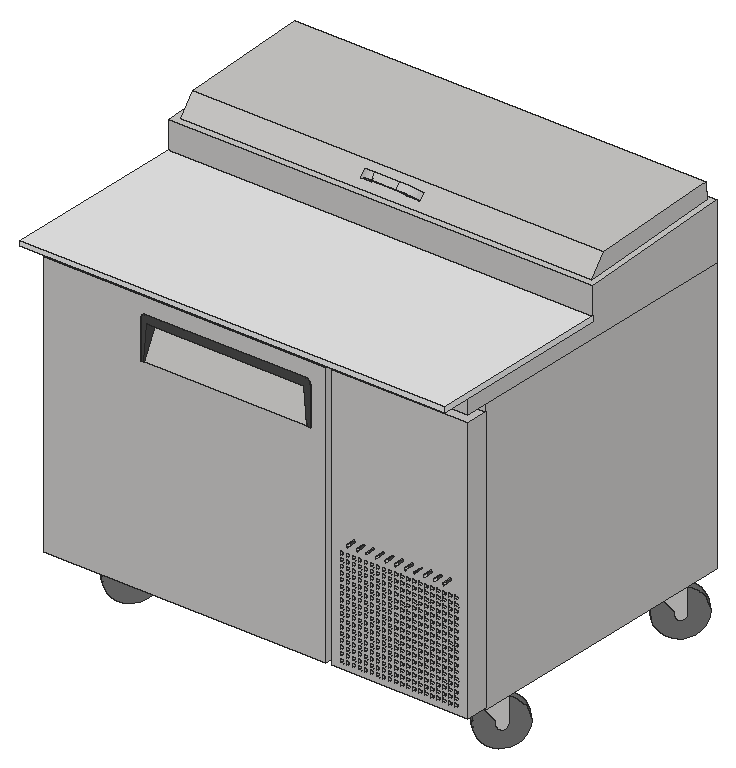
Revit family "QF_Turbo Air_TPR-44SD", category Specialty Equipment, Revit 2012
Parameters
  Weight in Pounds = 302
  Watermarked By = "http://revitwatermark.com"
  Volts = 115 V
  URL Cutsheet = ""
  URL = "www.turboairinc.com"
  Status [instance] = ""
  Specification by User [instance] = ""
  Specification by Manufacturer [instance] = ""
  Serial Number [instance] = ""
  Revision Code [instance] = ""
  Phase = 1
  Number of Poles [instance] = 1
  NAFEM Spec ID Number [instance] = ""
  Model = "TPR-44SD"
  Masterspec [instance] = ""
  Manufacturer = "Turbo Air"  # constant formula
  Legs [instance] = [6 inch Legs]  # no
  Item Number [instance] = "-"
  Installed By [instance] = ""
  HP = "1/4"
  Furnished By [instance] = ""
  Foodservice Equipment Identifier = yes
  FL Amps = 6.3 A
  Electrical Remarks [instance] = ""
  Electric Connection Type [instance] = ""
  Elec Conn RI Height [instance] = 0' - 0"
  Elec Conn Connection Height = 1' - 0"
  Description = "Pizza Prep Table"
  Cycle = 60 Hz
  Conn Plug = "NEMA 5-15P"
  Casters [instance] = not(Legs)  # yes
  CasterLeg Height [instance] = if([5 inch Casters], 0' 5 7/8", if([2_5 inch Casters], 0' 3 3/8", 0' 6"))  # 0' - 5 7/8"
  CSI MasterFormat = "11 41 13"
  Assembly Code = "E1090320"
  Apparent Power = if(Phase = 3, Volts * FL Amps * 1.73, Volts * FL Amps)  # 724.5 VA
  6 inch Legs [instance] = no
  5 inch Casters [instance] = yes
  2_5 inch Casters [instance] = no
Reference planes (in)
  plane 1 "BACK": y = 0
  plane 2: z = 0
  plane 3 "LEFT": x = -20.78844
  plane 4 "RIGHT": x = 23.21156
  plane 5 "Front of Door": y = -32.25
  plane 6 "FRONT": y = -35.25
  plane 7 "Front of Pans": y = -16
  plane 8 "Left of Compressor": x = 9.08656
  plane 9 "Right of Door": x = 8.52406
  plane 10 "Bottom": z = 5.875
  plane 11 "TOP": z = 41.875
  plane 12 "Door Clearance": z = 53.25
  plane 13 "Work Top": z = 35.875
  plane 14: z = 34.3125
  plane 15 "Top of Door": z = 33.5625
  plane 16 "Bottom of Door": z = 6.125
  plane 17 "Back Stops": y = 1
  plane 18 "Front of Box": y = -29.875
  plane 19 "Lid Left": x = -20.10094
  plane 20 "Lid Right": x = 22.52406
  plane 21 "Handle Center LR": x = 1.21156
  plane 22 "Handle Elevation": z = 40.14331
  plane 23 "Handle Center FB": y = -14.47887
Forms (in)
  Extrusion 1, solid, material "QF_Finishes_Stainless Steel"
    sketch origin (-20.78844, 0, 0) x (0, 1, 0) y (0, 0, 1)
      loop
        line (0, 34.3125) -> (-29.875, 34.3125) -> (-29.875, 5.875) -> (0, 5.875) -> (0, 34.3125)
    from 0 to 44
  Extrusion 2, solid, material "QF_Finishes_Stainless Steel"
    sketch origin (-20.78844, 0, 0) x (0, 1, 0) y (0, 0, 1)
      loop
        line (0, 34.3125) -> (0, 40.1875) -> (-16, 39.1875) -> (-16, 35.875) -> (-32.25, 35.875) -> (-32.25, 34.3125) -> (0, 34.3125)
    from 0 to 44
  Extrusion 3, solid, material "QF_Finishes_Stainless Steel"
    sketch origin (-20.10094, 0, 0) x (0, 1, 0) y (0, 0, 1)
      loop
        line (-0.43665, 40.16021) -> (-0.54382, 41.875) -> (-13.67506, 41.0543) -> (-15.28268, 39.23233) -> (-0.43665, 40.16021)
    from 0 to 42.625
  Extrusion 4, solid, material "QF_Finishes_Stainless Steel"
    sketch origin (0, 15.62211, 13.58363) x (1, 0, 0) y (0, -0.749838, 0.661622)
      loop
        line (3.21156, 40.14331) -> (4.21156, 40.14331)
        arc (4.21156, 40.14331) -> (3.53685, 41.04872) -> (2.46156, 41.39331) r 1.85
        line (2.46156, 41.39331) -> (-0.03844, 41.39331)
        arc (-0.03844, 41.39331) -> (-1.11373, 41.04872) -> (-1.78844, 40.14331) r 1.85
        line (-1.78844, 40.14331) -> (-0.78844, 40.14331) -> (-0.78844, 40.64331)
        arc (-0.78844, 40.64331) -> (-0.64199, 40.99687) -> (-0.28844, 41.14331) r 0.5
        line (-0.28844, 41.14331) -> (2.71156, 41.14331)
        arc (2.71156, 41.14331) -> (3.06511, 40.99687) -> (3.21156, 40.64331) r 0.5
        line (3.21156, 40.64331) -> (3.21156, 40.14331)
    from -0.375 to 0.375
  Extrusion 5, solid, material "QF_Finishes_Black"
    sketch origin (0, -29.875, 0) x (1, 0, 0) y (0, 0, 1)
      loop
        line (-19.78844, 32.5625) -> (-19.78844, 7.125) -> (7.52406, 7.125) -> (7.52406, 32.5625) -> (-19.78844, 32.5625)
    from 0 to 0.5625
  Extrusion 6, solid, material "QF_Finishes_Stainless Steel"
    sketch origin (0, -29.875, 0) x (1, 0, 0) y (0, 0, 1)
      loop
        line (9.08656, 33.5625) -> (9.08656, 6.125) -> (23.21156, 6.125) -> (23.21156, 33.5625) -> (9.08656, 33.5625)
      loop
        line (16.64906, 7.125) -> (16.27406, 7.125) -> (16.27406, 6.75) -> (16.64906, 6.75) -> (16.64906, 7.125)
      loop
        line (17.27406, 7.125) -> (16.89906, 7.125) -> (16.89906, 6.75) -> (17.27406, 6.75) -> (17.27406, 7.125)
      loop
        line (17.89906, 7.125) -> (17.52406, 7.125) -> (17.52406, 6.75) -> (17.89906, 6.75) -> (17.89906, 7.125)
      loop
        line (18.52406, 7.125) -> (18.14906, 7.125) -> (18.14906, 6.75) -> (18.52406, 6.75) -> (18.52406, 7.125)
      loop
        line (19.14906, 7.125) -> (18.77406, 7.125) -> (18.77406, 6.75) -> (19.14906, 6.75) -> (19.14906, 7.125)
      loop
        line (19.77406, 7.125) -> (19.39906, 7.125) -> (19.39906, 6.75) -> (19.77406, 6.75) -> (19.77406, 7.125)
      loop
        line (20.39906, 7.125) -> (20.02406, 7.125) -> (20.02406, 6.75) -> (20.39906, 6.75) -> (20.39906, 7.125)
      loop
        line (21.02406, 7.125) -> (20.64906, 7.125) -> (20.64906, 6.75) -> (21.02406, 6.75) -> (21.02406, 7.125)
      loop
        line (21.64906, 7.125) -> (21.27406, 7.125) -> (21.27406, 6.75) -> (21.64906, 6.75) -> (21.64906, 7.125)
      loop
        line (22.27406, 6.75) -> (22.27406, 7.125) -> (21.89906, 7.125) -> (21.89906, 6.75) -> (22.27406, 6.75)
      loop
        line (15.64906, 7.125) -> (15.64906, 6.75) -> (16.02406, 6.75) -> (16.02406, 7.125) -> (15.64906, 7.125)
      loop
        line (15.02406, 7.125) -> (15.02406, 6.75) -> (15.39906, 6.75) -> (15.39906, 7.125) -> (15.02406, 7.125)
      loop
        line (14.39906, 7.125) -> (14.39906, 6.75) -> (14.77406, 6.75) -> (14.77406, 7.125) -> (14.39906, 7.125)
      loop
        line (13.77406, 7.125) -> (13.77406, 6.75) -> (14.14906, 6.75) -> (14.14906, 7.125) -> (13.77406, 7.125)
      loop
        line (13.14906, 7.125) -> (13.14906, 6.75) -> (13.52406, 6.75) -> (13.52406, 7.125) -> (13.14906, 7.125)
      loop
        line (12.52406, 7.125) -> (12.52406, 6.75) -> (12.89906, 6.75) -> (12.89906, 7.125) -> (12.52406, 7.125)
      loop
        line (11.89906, 7.125) -> (11.89906, 6.75) -> (12.27406, 6.75) -> (12.27406, 7.125) -> (11.89906, 7.125)
      loop
        line (11.27406, 7.125) -> (11.27406, 6.75) -> (11.64906, 6.75) -> (11.64906, 7.125) -> (11.27406, 7.125)
      loop
        line (10.64906, 7.125) -> (10.64906, 6.75) -> (11.02406, 6.75) -> (11.02406, 7.125) -> (10.64906, 7.125)
      loop
        line (10.02406, 6.75) -> (10.39906, 6.75) -> (10.39906, 7.125) -> (10.02406, 7.125) -> (10.02406, 6.75)
      loop
        line (16.64906, 7.75) -> (16.27406, 7.75) -> (16.27406, 7.375) -> (16.64906, 7.375) -> (16.64906, 7.75)
      loop
        line (17.27406, 7.75) -> (16.89906, 7.75) -> (16.89906, 7.375) -> (17.27406, 7.375) -> (17.27406, 7.75)
      loop
        line (17.89906, 7.75) -> (17.52406, 7.75) -> (17.52406, 7.375) -> (17.89906, 7.375) -> (17.89906, 7.75)
      loop
        line (18.52406, 7.75) -> (18.14906, 7.75) -> (18.14906, 7.375) -> (18.52406, 7.375) -> (18.52406, 7.75)
      loop
        line (19.14906, 7.75) -> (18.77406, 7.75) -> (18.77406, 7.375) -> (19.14906, 7.375) -> (19.14906, 7.75)
      loop
        line (19.77406, 7.75) -> (19.39906, 7.75) -> (19.39906, 7.375) -> (19.77406, 7.375) -> (19.77406, 7.75)
      loop
        line (20.39906, 7.75) -> (20.02406, 7.75) -> (20.02406, 7.375) -> (20.39906, 7.375) -> (20.39906, 7.75)
      loop
        line (21.02406, 7.75) -> (20.64906, 7.75) -> (20.64906, 7.375) -> (21.02406, 7.375) -> (21.02406, 7.75)
      loop
        line (21.64906, 7.75) -> (21.27406, 7.75) -> (21.27406, 7.375) -> (21.64906, 7.375) -> (21.64906, 7.75)
      loop
        line (22.27406, 7.375) -> (22.27406, 7.75) -> (21.89906, 7.75) -> (21.89906, 7.375) -> (22.27406, 7.375)
      loop
        line (15.64906, 7.75) -> (15.64906, 7.375) -> (16.02406, 7.375) -> (16.02406, 7.75) -> (15.64906, 7.75)
      loop
        line (15.02406, 7.75) -> (15.02406, 7.375) -> (15.39906, 7.375) -> (15.39906, 7.75) -> (15.02406, 7.75)
      loop
        line (14.39906, 7.75) -> (14.39906, 7.375) -> (14.77406, 7.375) -> (14.77406, 7.75) -> (14.39906, 7.75)
      loop
        line (13.77406, 7.75) -> (13.77406, 7.375) -> (14.14906, 7.375) -> (14.14906, 7.75) -> (13.77406, 7.75)
      loop
        line (13.14906, 7.75) -> (13.14906, 7.375) -> (13.52406, 7.375) -> (13.52406, 7.75) -> (13.14906, 7.75)
      loop
        line (12.52406, 7.75) -> (12.52406, 7.375) -> (12.89906, 7.375) -> (12.89906, 7.75) -> (12.52406, 7.75)
      loop
        line (11.89906, 7.75) -> (11.89906, 7.375) -> (12.27406, 7.375) -> (12.27406, 7.75) -> (11.89906, 7.75)
      loop
        line (11.27406, 7.75) -> (11.27406, 7.375) -> (11.64906, 7.375) -> (11.64906, 7.75) -> (11.27406, 7.75)
      loop
        line (10.64906, 7.75) -> (10.64906, 7.375) -> (11.02406, 7.375) -> (11.02406, 7.75) -> (10.64906, 7.75)
      loop
        line (10.02406, 7.375) -> (10.39906, 7.375) -> (10.39906, 7.75) -> (10.02406, 7.75) -> (10.02406, 7.375)
      loop
        line (16.64906, 8.375) -> (16.27406, 8.375) -> (16.27406, 8) -> (16.64906, 8) -> (16.64906, 8.375)
      loop
        line (17.27406, 8.375) -> (16.89906, 8.375) -> (16.89906, 8) -> (17.27406, 8) -> (17.27406, 8.375)
      loop
        line (17.89906, 8.375) -> (17.52406, 8.375) -> (17.52406, 8) -> (17.89906, 8) -> (17.89906, 8.375)
      loop
        line (18.52406, 8.375) -> (18.14906, 8.375) -> (18.14906, 8) -> (18.52406, 8) -> (18.52406, 8.375)
      loop
        line (19.14906, 8.375) -> (18.77406, 8.375) -> (18.77406, 8) -> (19.14906, 8) -> (19.14906, 8.375)
      loop
        line (19.77406, 8.375) -> (19.39906, 8.375) -> (19.39906, 8) -> (19.77406, 8) -> (19.77406, 8.375)
      loop
        line (20.39906, 8.375) -> (20.02406, 8.375) -> (20.02406, 8) -> (20.39906, 8) -> (20.39906, 8.375)
      loop
        line (21.02406, 8.375) -> (20.64906, 8.375) -> (20.64906, 8) -> (21.02406, 8) -> (21.02406, 8.375)
      loop
        line (21.64906, 8.375) -> (21.27406, 8.375) -> (21.27406, 8) -> (21.64906, 8) -> (21.64906, 8.375)
      loop
        line (22.27406, 8) -> (22.27406, 8.375) -> (21.89906, 8.375) -> (21.89906, 8) -> (22.27406, 8)
      loop
        line (15.64906, 8.375) -> (15.64906, 8) -> (16.02406, 8) -> (16.02406, 8.375) -> (15.64906, 8.375)
      loop
        line (15.02406, 8.375) -> (15.02406, 8) -> (15.39906, 8) -> (15.39906, 8.375) -> (15.02406, 8.375)
      loop
        line (14.39906, 8.375) -> (14.39906, 8) -> (14.77406, 8) -> (14.77406, 8.375) -> (14.39906, 8.375)
      loop
        line (13.77406, 8.375) -> (13.77406, 8) -> (14.14906, 8) -> (14.14906, 8.375) -> (13.77406, 8.375)
      loop
        line (13.14906, 8.375) -> (13.14906, 8) -> (13.52406, 8) -> (13.52406, 8.375) -> (13.14906, 8.375)
      loop
        line (12.52406, 8.375) -> (12.52406, 8) -> (12.89906, 8) -> (12.89906, 8.375) -> (12.52406, 8.375)
      loop
        line (11.89906, 8.375) -> (11.89906, 8) -> (12.27406, 8) -> (12.27406, 8.375) -> (11.89906, 8.375)
      loop
        line (11.27406, 8.375) -> (11.27406, 8) -> (11.64906, 8) -> (11.64906, 8.375) -> (11.27406, 8.375)
      loop
        line (10.64906, 8.375) -> (10.64906, 8) -> (11.02406, 8) -> (11.02406, 8.375) -> (10.64906, 8.375)
      loop
        line (10.02406, 8) -> (10.39906, 8) -> (10.39906, 8.375) -> (10.02406, 8.375) -> (10.02406, 8)
      loop
        line (16.64906, 9) -> (16.27406, 9) -> (16.27406, 8.625) -> (16.64906, 8.625) -> (16.64906, 9)
      loop
        line (17.27406, 9) -> (16.89906, 9) -> (16.89906, 8.625) -> (17.27406, 8.625) -> (17.27406, 9)
      loop
        line (17.89906, 9) -> (17.52406, 9) -> (17.52406, 8.625) -> (17.89906, 8.625) -> (17.89906, 9)
      loop
        line (18.52406, 9) -> (18.14906, 9) -> (18.14906, 8.625) -> (18.52406, 8.625) -> (18.52406, 9)
      loop
        line (19.14906, 9) -> (18.77406, 9) -> (18.77406, 8.625) -> (19.14906, 8.625) -> (19.14906, 9)
      loop
        line (19.77406, 9) -> (19.39906, 9) -> (19.39906, 8.625) -> (19.77406, 8.625) -> (19.77406, 9)
      loop
        line (20.39906, 9) -> (20.02406, 9) -> (20.02406, 8.625) -> (20.39906, 8.625) -> (20.39906, 9)
      loop
        line (21.02406, 9) -> (20.64906, 9) -> (20.64906, 8.625) -> (21.02406, 8.625) -> (21.02406, 9)
      loop
        line (21.64906, 9) -> (21.27406, 9) -> (21.27406, 8.625) -> (21.64906, 8.625) -> (21.64906, 9)
      loop
        line (22.27406, 8.625) -> (22.27406, 9) -> (21.89906, 9) -> (21.89906, 8.625) -> (22.27406, 8.625)
      loop
        line (15.64906, 9) -> (15.64906, 8.625) -> (16.02406, 8.625) -> (16.02406, 9) -> (15.64906, 9)
      loop
        line (15.02406, 9) -> (15.02406, 8.625) -> (15.39906, 8.625) -> (15.39906, 9) -> (15.02406, 9)
      loop
        line (14.39906, 9) -> (14.39906, 8.625) -> (14.77406, 8.625) -> (14.77406, 9) -> (14.39906, 9)
      loop
        line (13.77406, 9) -> (13.77406, 8.625) -> (14.14906, 8.625) -> (14.14906, 9) -> (13.77406, 9)
      loop
        line (13.14906, 9) -> (13.14906, 8.625) -> (13.52406, 8.625) -> (13.52406, 9) -> (13.14906, 9)
      loop
        line (12.52406, 9) -> (12.52406, 8.625) -> (12.89906, 8.625) -> (12.89906, 9) -> (12.52406, 9)
      loop
        line (11.89906, 9) -> (11.89906, 8.625) -> (12.27406, 8.625) -> (12.27406, 9) -> (11.89906, 9)
      loop
        line (11.27406, 9) -> (11.27406, 8.625) -> (11.64906, 8.625) -> (11.64906, 9) -> (11.27406, 9)
      loop
        line (10.64906, 9) -> (10.64906, 8.625) -> (11.02406, 8.625) -> (11.02406, 9) -> (10.64906, 9)
      loop
        line (10.02406, 8.625) -> (10.39906, 8.625) -> (10.39906, 9) -> (10.02406, 9) -> (10.02406, 8.625)
      loop
        line (16.64906, 9.625) -> (16.27406, 9.625) -> (16.27406, 9.25) -> (16.64906, 9.25) -> (16.64906, 9.625)
      loop
        line (17.27406, 9.625) -> (16.89906, 9.625) -> (16.89906, 9.25) -> (17.27406, 9.25) -> (17.27406, 9.625)
      loop
        line (17.89906, 9.625) -> (17.52406, 9.625) -> (17.52406, 9.25) -> (17.89906, 9.25) -> (17.89906, 9.625)
      loop
        line (18.52406, 9.625) -> (18.14906, 9.625) -> (18.14906, 9.25) -> (18.52406, 9.25) -> (18.52406, 9.625)
      loop
        line (19.14906, 9.625) -> (18.77406, 9.625) -> (18.77406, 9.25) -> (19.14906, 9.25) -> (19.14906, 9.625)
      loop
        line (19.77406, 9.625) -> (19.39906, 9.625) -> (19.39906, 9.25) -> (19.77406, 9.25) -> (19.77406, 9.625)
      loop
        line (20.39906, 9.625) -> (20.02406, 9.625) -> (20.02406, 9.25) -> (20.39906, 9.25) -> (20.39906, 9.625)
      loop
        line (21.02406, 9.625) -> (20.64906, 9.625) -> (20.64906, 9.25) -> (21.02406, 9.25) -> (21.02406, 9.625)
      loop
        line (21.64906, 9.625) -> (21.27406, 9.625) -> (21.27406, 9.25) -> (21.64906, 9.25) -> (21.64906, 9.625)
      loop
        line (22.27406, 9.25) -> (22.27406, 9.625) -> (21.89906, 9.625) -> (21.89906, 9.25) -> (22.27406, 9.25)
      loop
        line (15.64906, 9.625) -> (15.64906, 9.25) -> (16.02406, 9.25) -> (16.02406, 9.625) -> (15.64906, 9.625)
      loop
        line (15.02406, 9.625) -> (15.02406, 9.25) -> (15.39906, 9.25) -> (15.39906, 9.625) -> (15.02406, 9.625)
      loop
        line (14.39906, 9.625) -> (14.39906, 9.25) -> (14.77406, 9.25) -> (14.77406, 9.625) -> (14.39906, 9.625)
      loop
        line (13.77406, 9.625) -> (13.77406, 9.25) -> (14.14906, 9.25) -> (14.14906, 9.625) -> (13.77406, 9.625)
      loop
        line (13.14906, 9.625) -> (13.14906, 9.25) -> (13.52406, 9.25) -> (13.52406, 9.625) -> (13.14906, 9.625)
      loop
        line (12.52406, 9.625) -> (12.52406, 9.25) -> (12.89906, 9.25) -> (12.89906, 9.625) -> (12.52406, 9.625)
      loop
        line (11.89906, 9.625) -> (11.89906, 9.25) -> (12.27406, 9.25) -> (12.27406, 9.625) -> (11.89906, 9.625)
      loop
        line (11.27406, 9.625) -> (11.27406, 9.25) -> (11.64906, 9.25) -> (11.64906, 9.625) -> (11.27406, 9.625)
      loop
        line (10.64906, 9.625) -> (10.64906, 9.25) -> (11.02406, 9.25) -> (11.02406, 9.625) -> (10.64906, 9.625)
      loop
        line (10.02406, 9.25) -> (10.39906, 9.25) -> (10.39906, 9.625) -> (10.02406, 9.625) -> (10.02406, 9.25)
      loop
        line (16.64906, 10.25) -> (16.27406, 10.25) -> (16.27406, 9.875) -> (16.64906, 9.875) -> (16.64906, 10.25)
      loop
        line (17.27406, 10.25) -> (16.89906, 10.25) -> (16.89906, 9.875) -> (17.27406, 9.875) -> (17.27406, 10.25)
      loop
        line (17.89906, 10.25) -> (17.52406, 10.25) -> (17.52406, 9.875) -> (17.89906, 9.875) -> (17.89906, 10.25)
      loop
        line (18.52406, 10.25) -> (18.14906, 10.25) -> (18.14906, 9.875) -> (18.52406, 9.875) -> (18.52406, 10.25)
      loop
        line (19.14906, 10.25) -> (18.77406, 10.25) -> (18.77406, 9.875) -> (19.14906, 9.875) -> (19.14906, 10.25)
      loop
        line (19.77406, 10.25) -> (19.39906, 10.25) -> (19.39906, 9.875) -> (19.77406, 9.875) -> (19.77406, 10.25)
      loop
        line (20.39906, 10.25) -> (20.02406, 10.25) -> (20.02406, 9.875) -> (20.39906, 9.875) -> (20.39906, 10.25)
      loop
        line (21.02406, 10.25) -> (20.64906, 10.25) -> (20.64906, 9.875) -> (21.02406, 9.875) -> (21.02406, 10.25)
      loop
        line (21.64906, 10.25) -> (21.27406, 10.25) -> (21.27406, 9.875) -> (21.64906, 9.875) -> (21.64906, 10.25)
      loop
        line (22.27406, 9.875) -> (22.27406, 10.25) -> (21.89906, 10.25) -> (21.89906, 9.875) -> (22.27406, 9.875)
      loop
        line (15.64906, 10.25) -> (15.64906, 9.875) -> (16.02406, 9.875) -> (16.02406, 10.25) -> (15.64906, 10.25)
      loop
        line (15.02406, 10.25) -> (15.02406, 9.875) -> (15.39906, 9.875) -> (15.39906, 10.25) -> (15.02406, 10.25)
      loop
        line (14.39906, 10.25) -> (14.39906, 9.875) -> (14.77406, 9.875) -> (14.77406, 10.25) -> (14.39906, 10.25)
      loop
        line (13.77406, 10.25) -> (13.77406, 9.875) -> (14.14906, 9.875) -> (14.14906, 10.25) -> (13.77406, 10.25)
      loop
        line (13.14906, 10.25) -> (13.14906, 9.875) -> (13.52406, 9.875) -> (13.52406, 10.25) -> (13.14906, 10.25)
      loop
        line (12.52406, 10.25) -> (12.52406, 9.875) -> (12.89906, 9.875) -> (12.89906, 10.25) -> (12.52406, 10.25)
      loop
        line (11.89906, 10.25) -> (11.89906, 9.875) -> (12.27406, 9.875) -> (12.27406, 10.25) -> (11.89906, 10.25)
      loop
        line (11.27406, 10.25) -> (11.27406, 9.875) -> (11.64906, 9.875) -> (11.64906, 10.25) -> (11.27406, 10.25)
      loop
        line (10.64906, 10.25) -> (10.64906, 9.875) -> (11.02406, 9.875) -> (11.02406, 10.25) -> (10.64906, 10.25)
      loop
        line (10.02406, 9.875) -> (10.39906, 9.875) -> (10.39906, 10.25) -> (10.02406, 10.25) -> (10.02406, 9.875)
      loop
        line (16.64906, 10.875) -> (16.27406, 10.875) -> (16.27406, 10.5) -> (16.64906, 10.5) -> (16.64906, 10.875)
      loop
        line (17.27406, 10.875) -> (16.89906, 10.875) -> (16.89906, 10.5) -> (17.27406, 10.5) -> (17.27406, 10.875)
      loop
        line (17.89906, 10.875) -> (17.52406, 10.875) -> (17.52406, 10.5) -> (17.89906, 10.5) -> (17.89906, 10.875)
      loop
        line (18.52406, 10.875) -> (18.14906, 10.875) -> (18.14906, 10.5) -> (18.52406, 10.5) -> (18.52406, 10.875)
      loop
        line (19.14906, 10.875) -> (18.77406, 10.875) -> (18.77406, 10.5) -> (19.14906, 10.5) -> (19.14906, 10.875)
      loop
        line (19.77406, 10.875) -> (19.39906, 10.875) -> (19.39906, 10.5) -> (19.77406, 10.5) -> (19.77406, 10.875)
      loop
        line (20.39906, 10.875) -> (20.02406, 10.875) -> (20.02406, 10.5) -> (20.39906, 10.5) -> (20.39906, 10.875)
      loop
        line (21.02406, 10.875) -> (20.64906, 10.875) -> (20.64906, 10.5) -> (21.02406, 10.5) -> (21.02406, 10.875)
      loop
        line (21.64906, 10.875) -> (21.27406, 10.875) -> (21.27406, 10.5) -> (21.64906, 10.5) -> (21.64906, 10.875)
      loop
        line (22.27406, 10.5) -> (22.27406, 10.875) -> (21.89906, 10.875) -> (21.89906, 10.5) -> (22.27406, 10.5)
      loop
        line (15.64906, 10.875) -> (15.64906, 10.5) -> (16.02406, 10.5) -> (16.02406, 10.875) -> (15.64906, 10.875)
      loop
        line (15.02406, 10.875) -> (15.02406, 10.5) -> (15.39906, 10.5) -> (15.39906, 10.875) -> (15.02406, 10.875)
      loop
        line (14.39906, 10.875) -> (14.39906, 10.5) -> (14.77406, 10.5) -> (14.77406, 10.875) -> (14.39906, 10.875)
      loop
        line (13.77406, 10.875) -> (13.77406, 10.5) -> (14.14906, 10.5) -> (14.14906, 10.875) -> (13.77406, 10.875)
      loop
        line (13.14906, 10.875) -> (13.14906, 10.5) -> (13.52406, 10.5) -> (13.52406, 10.875) -> (13.14906, 10.875)
      loop
        line (12.52406, 10.875) -> (12.52406, 10.5) -> (12.89906, 10.5) -> (12.89906, 10.875) -> (12.52406, 10.875)
      loop
        line (11.89906, 10.875) -> (11.89906, 10.5) -> (12.27406, 10.5) -> (12.27406, 10.875) -> (11.89906, 10.875)
      loop
        line (11.27406, 10.875) -> (11.27406, 10.5) -> (11.64906, 10.5) -> (11.64906, 10.875) -> (11.27406, 10.875)
      loop
        line (10.64906, 10.875) -> (10.64906, 10.5) -> (11.02406, 10.5) -> (11.02406, 10.875) -> (10.64906, 10.875)
      loop
        line (10.02406, 10.5) -> (10.39906, 10.5) -> (10.39906, 10.875) -> (10.02406, 10.875) -> (10.02406, 10.5)
      loop
        line (16.64906, 11.5) -> (16.27406, 11.5) -> (16.27406, 11.125) -> (16.64906, 11.125) -> (16.64906, 11.5)
      loop
        line (17.27406, 11.5) -> (16.89906, 11.5) -> (16.89906, 11.125) -> (17.27406, 11.125) -> (17.27406, 11.5)
      loop
        line (17.89906, 11.5) -> (17.52406, 11.5) -> (17.52406, 11.125) -> (17.89906, 11.125) -> (17.89906, 11.5)
      loop
        line (18.52406, 11.5) -> (18.14906, 11.5) -> (18.14906, 11.125) -> (18.52406, 11.125) -> (18.52406, 11.5)
      loop
        line (19.14906, 11.5) -> (18.77406, 11.5) -> (18.77406, 11.125) -> (19.14906, 11.125) -> (19.14906, 11.5)
      loop
        line (19.77406, 11.5) -> (19.39906, 11.5) -> (19.39906, 11.125) -> (19.77406, 11.125) -> (19.77406, 11.5)
      loop
        line (20.39906, 11.5) -> (20.02406, 11.5) -> (20.02406, 11.125) -> (20.39906, 11.125) -> (20.39906, 11.5)
      loop
        line (21.02406, 11.5) -> (20.64906, 11.5) -> (20.64906, 11.125) -> (21.02406, 11.125) -> (21.02406, 11.5)
      loop
        line (21.64906, 11.5) -> (21.27406, 11.5) -> (21.27406, 11.125) -> (21.64906, 11.125) -> (21.64906, 11.5)
      loop
        line (22.27406, 11.125) -> (22.27406, 11.5) -> (21.89906, 11.5) -> (21.89906, 11.125) -> (22.27406, 11.125)
      loop
        line (15.64906, 11.5) -> (15.64906, 11.125) -> (16.02406, 11.125) -> (16.02406, 11.5) -> (15.64906, 11.5)
      loop
        line (15.02406, 11.5) -> (15.02406, 11.125) -> (15.39906, 11.125) -> (15.39906, 11.5) -> (15.02406, 11.5)
      loop
        line (14.39906, 11.5) -> (14.39906, 11.125) -> (14.77406, 11.125) -> (14.77406, 11.5) -> (14.39906, 11.5)
      loop
        line (13.77406, 11.5) -> (13.77406, 11.125) -> (14.14906, 11.125) -> (14.14906, 11.5) -> (13.77406, 11.5)
      loop
        line (13.14906, 11.5) -> (13.14906, 11.125) -> (13.52406, 11.125) -> (13.52406, 11.5) -> (13.14906, 11.5)
      loop
        line (12.52406, 11.5) -> (12.52406, 11.125) -> (12.89906, 11.125) -> (12.89906, 11.5) -> (12.52406, 11.5)
      loop
        line (11.89906, 11.5) -> (11.89906, 11.125) -> (12.27406, 11.125) -> (12.27406, 11.5) -> (11.89906, 11.5)
      loop
        line (11.27406, 11.5) -> (11.27406, 11.125) -> (11.64906, 11.125) -> (11.64906, 11.5) -> (11.27406, 11.5)
      loop
        line (10.64906, 11.5) -> (10.64906, 11.125) -> (11.02406, 11.125) -> (11.02406, 11.5) -> (10.64906, 11.5)
      loop
        line (10.02406, 11.125) -> (10.39906, 11.125) -> (10.39906, 11.5) -> (10.02406, 11.5) -> (10.02406, 11.125)
      loop
        line (16.64906, 12.125) -> (16.27406, 12.125) -> (16.27406, 11.75) -> (16.64906, 11.75) -> (16.64906, 12.125)
      loop
        line (17.27406, 12.125) -> (16.89906, 12.125) -> (16.89906, 11.75) -> (17.27406, 11.75) -> (17.27406, 12.125)
      loop
        line (17.89906, 12.125) -> (17.52406, 12.125) -> (17.52406, 11.75) -> (17.89906, 11.75) -> (17.89906, 12.125)
      loop
        line (18.52406, 12.125) -> (18.14906, 12.125) -> (18.14906, 11.75) -> (18.52406, 11.75) -> (18.52406, 12.125)
      loop
        line (19.14906, 12.125) -> (18.77406, 12.125) -> (18.77406, 11.75) -> (19.14906, 11.75) -> (19.14906, 12.125)
      loop
        line (19.77406, 12.125) -> (19.39906, 12.125) -> (19.39906, 11.75) -> (19.77406, 11.75) -> (19.77406, 12.125)
      loop
        line (20.39906, 12.125) -> (20.02406, 12.125) -> (20.02406, 11.75) -> (20.39906, 11.75) -> (20.39906, 12.125)
      loop
        line (21.02406, 12.125) -> (20.64906, 12.125) -> (20.64906, 11.75) -> (21.02406, 11.75) -> (21.02406, 12.125)
      loop
        line (21.64906, 12.125) -> (21.27406, 12.125) -> (21.27406, 11.75) -> (21.64906, 11.75) -> (21.64906, 12.125)
      loop
        line (22.27406, 11.75) -> (22.27406, 12.125) -> (21.89906, 12.125) -> (21.89906, 11.75) -> (22.27406, 11.75)
      loop
        line (15.64906, 12.125) -> (15.64906, 11.75) -> (16.02406, 11.75) -> (16.02406, 12.125) -> (15.64906, 12.125)
      loop
        line (15.02406, 12.125) -> (15.02406, 11.75) -> (15.39906, 11.75) -> (15.39906, 12.125) -> (15.02406, 12.125)
      loop
        line (14.39906, 12.125) -> (14.39906, 11.75) -> (14.77406, 11.75) -> (14.77406, 12.125) -> (14.39906, 12.125)
      loop
        line (13.77406, 12.125) -> (13.77406, 11.75) -> (14.14906, 11.75) -> (14.14906, 12.125) -> (13.77406, 12.125)
      loop
        line (13.14906, 12.125) -> (13.14906, 11.75) -> (13.52406, 11.75) -> (13.52406, 12.125) -> (13.14906, 12.125)
      loop
        line (12.52406, 12.125) -> (12.52406, 11.75) -> (12.89906, 11.75) -> (12.89906, 12.125) -> (12.52406, 12.125)
      loop
        line (11.89906, 12.125) -> (11.89906, 11.75) -> (12.27406, 11.75) -> (12.27406, 12.125) -> (11.89906, 12.125)
      loop
        line (11.27406, 12.125) -> (11.27406, 11.75) -> (11.64906, 11.75) -> (11.64906, 12.125) -> (11.27406, 12.125)
      loop
        line (10.64906, 12.125) -> (10.64906, 11.75) -> (11.02406, 11.75) -> (11.02406, 12.125) -> (10.64906, 12.125)
      loop
        line (10.02406, 11.75) -> (10.39906, 11.75) -> (10.39906, 12.125) -> (10.02406, 12.125) -> (10.02406, 11.75)
      loop
        line (16.64906, 12.75) -> (16.27406, 12.75) -> (16.27406, 12.375) -> (16.64906, 12.375) -> (16.64906, 12.75)
      loop
        line (17.27406, 12.75) -> (16.89906, 12.75) -> (16.89906, 12.375) -> (17.27406, 12.375) -> (17.27406, 12.75)
      loop
        line (17.89906, 12.75) -> (17.52406, 12.75) -> (17.52406, 12.375) -> (17.89906, 12.375) -> (17.89906, 12.75)
      loop
        line (18.52406, 12.75) -> (18.14906, 12.75) -> (18.14906, 12.375) -> (18.52406, 12.375) -> (18.52406, 12.75)
      loop
        line (19.14906, 12.75) -> (18.77406, 12.75) -> (18.77406, 12.375) -> (19.14906, 12.375) -> (19.14906, 12.75)
      loop
        line (19.77406, 12.75) -> (19.39906, 12.75) -> (19.39906, 12.375) -> (19.77406, 12.375) -> (19.77406, 12.75)
      loop
        line (20.39906, 12.75) -> (20.02406, 12.75) -> (20.02406, 12.375) -> (20.39906, 12.375) -> (20.39906, 12.75)
      loop
        line (21.02406, 12.75) -> (20.64906, 12.75) -> (20.64906, 12.375) -> (21.02406, 12.375) -> (21.02406, 12.75)
      loop
        line (21.64906, 12.75) -> (21.27406, 12.75) -> (21.27406, 12.375) -> (21.64906, 12.375) -> (21.64906, 12.75)
      loop
        line (22.27406, 12.375) -> (22.27406, 12.75) -> (21.89906, 12.75) -> (21.89906, 12.375) -> (22.27406, 12.375)
      loop
        line (15.64906, 12.75) -> (15.64906, 12.375) -> (16.02406, 12.375) -> (16.02406, 12.75) -> (15.64906, 12.75)
      loop
        line (15.02406, 12.75) -> (15.02406, 12.375) -> (15.39906, 12.375) -> (15.39906, 12.75) -> (15.02406, 12.75)
      loop
        line (14.39906, 12.75) -> (14.39906, 12.375) -> (14.77406, 12.375) -> (14.77406, 12.75) -> (14.39906, 12.75)
      loop
        line (13.77406, 12.75) -> (13.77406, 12.375) -> (14.14906, 12.375) -> (14.14906, 12.75) -> (13.77406, 12.75)
      loop
        line (13.14906, 12.75) -> (13.14906, 12.375) -> (13.52406, 12.375) -> (13.52406, 12.75) -> (13.14906, 12.75)
      loop
        line (12.52406, 12.75) -> (12.52406, 12.375) -> (12.89906, 12.375) -> (12.89906, 12.75) -> (12.52406, 12.75)
      loop
        line (11.89906, 12.75) -> (11.89906, 12.375) -> (12.27406, 12.375) -> (12.27406, 12.75) -> (11.89906, 12.75)
      loop
        line (11.27406, 12.75) -> (11.27406, 12.375) -> (11.64906, 12.375) -> (11.64906, 12.75) -> (11.27406, 12.75)
      loop
        line (10.64906, 12.75) -> (10.64906, 12.375) -> (11.02406, 12.375) -> (11.02406, 12.75) -> (10.64906, 12.75)
      loop
        line (10.02406, 12.375) -> (10.39906, 12.375) -> (10.39906, 12.75) -> (10.02406, 12.75) -> (10.02406, 12.375)
      loop
        line (16.64906, 13.375) -> (16.27406, 13.375) -> (16.27406, 13) -> (16.64906, 13) -> (16.64906, 13.375)
      loop
        line (17.27406, 13.375) -> (16.89906, 13.375) -> (16.89906, 13) -> (17.27406, 13) -> (17.27406, 13.375)
      loop
        line (17.89906, 13.375) -> (17.52406, 13.375) -> (17.52406, 13) -> (17.89906, 13) -> (17.89906, 13.375)
      loop
        line (18.52406, 13.375) -> (18.14906, 13.375) -> (18.14906, 13) -> (18.52406, 13) -> (18.52406, 13.375)
      loop
        line (19.14906, 13.375) -> (18.77406, 13.375) -> (18.77406, 13) -> (19.14906, 13) -> (19.14906, 13.375)
      loop
        line (19.77406, 13.375) -> (19.39906, 13.375) -> (19.39906, 13) -> (19.77406, 13) -> (19.77406, 13.375)
      loop
        line (20.39906, 13.375) -> (20.02406, 13.375) -> (20.02406, 13) -> (20.39906, 13) -> (20.39906, 13.375)
      loop
        line (21.02406, 13.375) -> (20.64906, 13.375) -> (20.64906, 13) -> (21.02406, 13) -> (21.02406, 13.375)
      loop
        line (21.64906, 13.375) -> (21.27406, 13.375) -> (21.27406, 13) -> (21.64906, 13) -> (21.64906, 13.375)
      loop
        line (22.27406, 13) -> (22.27406, 13.375) -> (21.89906, 13.375) -> (21.89906, 13) -> (22.27406, 13)
      loop
        line (15.64906, 13.375) -> (15.64906, 13) -> (16.02406, 13) -> (16.02406, 13.375) -> (15.64906, 13.375)
      loop
        line (15.02406, 13.375) -> (15.02406, 13) -> (15.39906, 13) -> (15.39906, 13.375) -> (15.02406, 13.375)
      loop
        line (14.39906, 13.375) -> (14.39906, 13) -> (14.77406, 13) -> (14.77406, 13.375) -> (14.39906, 13.375)
      loop
        line (13.77406, 13.375) -> (13.77406, 13) -> (14.14906, 13) -> (14.14906, 13.375) -> (13.77406, 13.375)
      loop
        line (13.14906, 13.375) -> (13.14906, 13) -> (13.52406, 13) -> (13.52406, 13.375) -> (13.14906, 13.375)
      loop
        line (12.52406, 13.375) -> (12.52406, 13) -> (12.89906, 13) -> (12.89906, 13.375) -> (12.52406, 13.375)
      loop
        line (11.89906, 13.375) -> (11.89906, 13) -> (12.27406, 13) -> (12.27406, 13.375) -> (11.89906, 13.375)
      loop
        line (11.27406, 13.375) -> (11.27406, 13) -> (11.64906, 13) -> (11.64906, 13.375) -> (11.27406, 13.375)
      loop
        line (10.64906, 13.375) -> (10.64906, 13) -> (11.02406, 13) -> (11.02406, 13.375) -> (10.64906, 13.375)
      loop
        line (10.02406, 13) -> (10.39906, 13) -> (10.39906, 13.375) -> (10.02406, 13.375) -> (10.02406, 13)
      loop
        line (16.64906, 14) -> (16.27406, 14) -> (16.27406, 13.625) -> (16.64906, 13.625) -> (16.64906, 14)
      loop
        line (17.27406, 14) -> (16.89906, 14) -> (16.89906, 13.625) -> (17.27406, 13.625) -> (17.27406, 14)
      loop
        line (17.89906, 14) -> (17.52406, 14) -> (17.52406, 13.625) -> (17.89906, 13.625) -> (17.89906, 14)
      loop
        line (18.52406, 14) -> (18.14906, 14) -> (18.14906, 13.625) -> (18.52406, 13.625) -> (18.52406, 14)
      loop
        line (19.14906, 14) -> (18.77406, 14) -> (18.77406, 13.625) -> (19.14906, 13.625) -> (19.14906, 14)
      loop
        line (19.77406, 14) -> (19.39906, 14) -> (19.39906, 13.625) -> (19.77406, 13.625) -> (19.77406, 14)
      loop
        line (20.39906, 14) -> (20.02406, 14) -> (20.02406, 13.625) -> (20.39906, 13.625) -> (20.39906, 14)
      loop
        line (21.02406, 14) -> (20.64906, 14) -> (20.64906, 13.625) -> (21.02406, 13.625) -> (21.02406, 14)
      loop
        line (21.64906, 14) -> (21.27406, 14) -> (21.27406, 13.625) -> (21.64906, 13.625) -> (21.64906, 14)
      loop
        line (22.27406, 13.625) -> (22.27406, 14) -> (21.89906, 14) -> (21.89906, 13.625) -> (22.27406, 13.625)
      loop
        line (15.64906, 14) -> (15.64906, 13.625) -> (16.02406, 13.625) -> (16.02406, 14) -> (15.64906, 14)
      loop
        line (15.02406, 14) -> (15.02406, 13.625) -> (15.39906, 13.625) -> (15.39906, 14) -> (15.02406, 14)
      loop
        line (14.39906, 14) -> (14.39906, 13.625) -> (14.77406, 13.625) -> (14.77406, 14) -> (14.39906, 14)
      loop
        line (13.77406, 14) -> (13.77406, 13.625) -> (14.14906, 13.625) -> (14.14906, 14) -> (13.77406, 14)
      loop
        line (13.14906, 14) -> (13.14906, 13.625) -> (13.52406, 13.625) -> (13.52406, 14) -> (13.14906, 14)
      loop
        line (12.52406, 14) -> (12.52406, 13.625) -> (12.89906, 13.625) -> (12.89906, 14) -> (12.52406, 14)
      loop
        line (11.89906, 14) -> (11.89906, 13.625) -> (12.27406, 13.625) -> (12.27406, 14) -> (11.89906, 14)
      loop
        line (11.27406, 14) -> (11.27406, 13.625) -> (11.64906, 13.625) -> (11.64906, 14) -> (11.27406, 14)
      loop
        line (10.64906, 14) -> (10.64906, 13.625) -> (11.02406, 13.625) -> (11.02406, 14) -> (10.64906, 14)
      loop
        line (10.02406, 13.625) -> (10.39906, 13.625) -> (10.39906, 14) -> (10.02406, 14) -> (10.02406, 13.625)
      loop
        line (16.64906, 14.625) -> (16.27406, 14.625) -> (16.27406, 14.25) -> (16.64906, 14.25) -> (16.64906, 14.625)
      loop
        line (17.27406, 14.625) -> (16.89906, 14.625) -> (16.89906, 14.25) -> (17.27406, 14.25) -> (17.27406, 14.625)
      loop
        line (17.89906, 14.625) -> (17.52406, 14.625) -> (17.52406, 14.25) -> (17.89906, 14.25) -> (17.89906, 14.625)
      loop
        line (18.52406, 14.625) -> (18.14906, 14.625) -> (18.14906, 14.25) -> (18.52406, 14.25) -> (18.52406, 14.625)
      loop
        line (19.14906, 14.625) -> (18.77406, 14.625) -> (18.77406, 14.25) -> (19.14906, 14.25) -> (19.14906, 14.625)
      loop
        line (19.77406, 14.625) -> (19.39906, 14.625) -> (19.39906, 14.25) -> (19.77406, 14.25) -> (19.77406, 14.625)
      loop
        line (20.39906, 14.625) -> (20.02406, 14.625) -> (20.02406, 14.25) -> (20.39906, 14.25) -> (20.39906, 14.625)
      loop
        line (21.02406, 14.625) -> (20.64906, 14.625) -> (20.64906, 14.25) -> (21.02406, 14.25) -> (21.02406, 14.625)
      loop
        line (21.64906, 14.625) -> (21.27406, 14.625) -> (21.27406, 14.25) -> (21.64906, 14.25) -> (21.64906, 14.625)
      loop
        line (22.27406, 14.25) -> (22.27406, 14.625) -> (21.89906, 14.625) -> (21.89906, 14.25) -> (22.27406, 14.25)
      loop
        line (15.64906, 14.625) -> (15.64906, 14.25) -> (16.02406, 14.25) -> (16.02406, 14.625) -> (15.64906, 14.625)
      loop
        line (15.02406, 14.625) -> (15.02406, 14.25) -> (15.39906, 14.25) -> (15.39906, 14.625) -> (15.02406, 14.625)
      loop
        line (14.39906, 14.625) -> (14.39906, 14.25) -> (14.77406, 14.25) -> (14.77406, 14.625) -> (14.39906, 14.625)
      loop
        line (13.77406, 14.625) -> (13.77406, 14.25) -> (14.14906, 14.25) -> (14.14906, 14.625) -> (13.77406, 14.625)
      loop
        line (13.14906, 14.625) -> (13.14906, 14.25) -> (13.52406, 14.25) -> (13.52406, 14.625) -> (13.14906, 14.625)
      loop
        line (12.52406, 14.625) -> (12.52406, 14.25) -> (12.89906, 14.25) -> (12.89906, 14.625) -> (12.52406, 14.625)
      loop
        line (11.89906, 14.625) -> (11.89906, 14.25) -> (12.27406, 14.25) -> (12.27406, 14.625) -> (11.89906, 14.625)
      loop
        line (11.27406, 14.625) -> (11.27406, 14.25) -> (11.64906, 14.25) -> (11.64906, 14.625) -> (11.27406, 14.625)
      loop
        line (10.64906, 14.625) -> (10.64906, 14.25) -> (11.02406, 14.25) -> (11.02406, 14.625) -> (10.64906, 14.625)
      loop
        line (10.02406, 14.25) -> (10.39906, 14.25) -> (10.39906, 14.625) -> (10.02406, 14.625) -> (10.02406, 14.25)
      loop
        line (16.64906, 15.25) -> (16.27406, 15.25) -> (16.27406, 14.875) -> (16.64906, 14.875) -> (16.64906, 15.25)
      loop
        line (17.27406, 15.25) -> (16.89906, 15.25) -> (16.89906, 14.875) -> (17.27406, 14.875) -> (17.27406, 15.25)
      loop
        line (17.89906, 15.25) -> (17.52406, 15.25) -> (17.52406, 14.875) -> (17.89906, 14.875) -> (17.89906, 15.25)
      loop
        line (18.52406, 15.25) -> (18.14906, 15.25) -> (18.14906, 14.875) -> (18.52406, 14.875) -> (18.52406, 15.25)
      loop
        line (19.14906, 15.25) -> (18.77406, 15.25) -> (18.77406, 14.875) -> (19.14906, 14.875) -> (19.14906, 15.25)
      loop
        line (19.77406, 15.25) -> (19.39906, 15.25) -> (19.39906, 14.875) -> (19.77406, 14.875) -> (19.77406, 15.25)
      loop
        line (20.39906, 15.25) -> (20.02406, 15.25) -> (20.02406, 14.875) -> (20.39906, 14.875) -> (20.39906, 15.25)
      loop
        line (21.02406, 15.25) -> (20.64906, 15.25) -> (20.64906, 14.875) -> (21.02406, 14.875) -> (21.02406, 15.25)
      loop
        line (21.64906, 15.25) -> (21.27406, 15.25) -> (21.27406, 14.875) -> (21.64906, 14.875) -> (21.64906, 15.25)
      loop
        line (22.27406, 14.875) -> (22.27406, 15.25) -> (21.89906, 15.25) -> (21.89906, 14.875) -> (22.27406, 14.875)
      loop
        line (15.64906, 15.25) -> (15.64906, 14.875) -> (16.02406, 14.875) -> (16.02406, 15.25) -> (15.64906, 15.25)
      loop
        line (15.02406, 15.25) -> (15.02406, 14.875) -> (15.39906, 14.875) -> (15.39906, 15.25) -> (15.02406, 15.25)
      loop
        line (14.39906, 15.25) -> (14.39906, 14.875) -> (14.77406, 14.875) -> (14.77406, 15.25) -> (14.39906, 15.25)
      loop
        line (13.77406, 15.25) -> (13.77406, 14.875) -> (14.14906, 14.875) -> (14.14906, 15.25) -> (13.77406, 15.25)
      loop
        line (13.14906, 15.25) -> (13.14906, 14.875) -> (13.52406, 14.875) -> (13.52406, 15.25) -> (13.14906, 15.25)
      loop
        line (12.52406, 15.25) -> (12.52406, 14.875) -> (12.89906, 14.875) -> (12.89906, 15.25) -> (12.52406, 15.25)
      loop
        line (11.89906, 15.25) -> (11.89906, 14.875) -> (12.27406, 14.875) -> (12.27406, 15.25) -> (11.89906, 15.25)
      loop
        line (11.27406, 15.25) -> (11.27406, 14.875) -> (11.64906, 14.875) -> (11.64906, 15.25) -> (11.27406, 15.25)
      loop
        line (10.64906, 15.25) -> (10.64906, 14.875) -> (11.02406, 14.875) -> (11.02406, 15.25) -> (10.64906, 15.25)
      loop
        line (10.02406, 14.875) -> (10.39906, 14.875) -> (10.39906, 15.25) -> (10.02406, 15.25) -> (10.02406, 14.875)
      loop
        line (16.64906, 15.875) -> (16.27406, 15.875) -> (16.27406, 15.5) -> (16.64906, 15.5) -> (16.64906, 15.875)
      loop
        line (17.27406, 15.875) -> (16.89906, 15.875) -> (16.89906, 15.5) -> (17.27406, 15.5) -> (17.27406, 15.875)
      loop
        line (17.89906, 15.875) -> (17.52406, 15.875) -> (17.52406, 15.5) -> (17.89906, 15.5) -> (17.89906, 15.875)
      loop
        line (18.52406, 15.875) -> (18.14906, 15.875) -> (18.14906, 15.5) -> (18.52406, 15.5) -> (18.52406, 15.875)
      loop
        line (19.14906, 15.875) -> (18.77406, 15.875) -> (18.77406, 15.5) -> (19.14906, 15.5) -> (19.14906, 15.875)
      loop
        line (19.77406, 15.875) -> (19.39906, 15.875) -> (19.39906, 15.5) -> (19.77406, 15.5) -> (19.77406, 15.875)
      loop
        line (20.39906, 15.875) -> (20.02406, 15.875) -> (20.02406, 15.5) -> (20.39906, 15.5) -> (20.39906, 15.875)
      loop
        line (21.02406, 15.875) -> (20.64906, 15.875) -> (20.64906, 15.5) -> (21.02406, 15.5) -> (21.02406, 15.875)
      loop
        line (21.64906, 15.875) -> (21.27406, 15.875) -> (21.27406, 15.5) -> (21.64906, 15.5) -> (21.64906, 15.875)
      loop
        line (22.27406, 15.5) -> (22.27406, 15.875) -> (21.89906, 15.875) -> (21.89906, 15.5) -> (22.27406, 15.5)
      loop
        line (15.64906, 15.875) -> (15.64906, 15.5) -> (16.02406, 15.5) -> (16.02406, 15.875) -> (15.64906, 15.875)
      loop
        line (15.02406, 15.875) -> (15.02406, 15.5) -> (15.39906, 15.5) -> (15.39906, 15.875) -> (15.02406, 15.875)
      loop
        line (14.39906, 15.875) -> (14.39906, 15.5) -> (14.77406, 15.5) -> (14.77406, 15.875) -> (14.39906, 15.875)
      loop
        line (13.77406, 15.875) -> (13.77406, 15.5) -> (14.14906, 15.5) -> (14.14906, 15.875) -> (13.77406, 15.875)
      loop
        line (13.14906, 15.875) -> (13.14906, 15.5) -> (13.52406, 15.5) -> (13.52406, 15.875) -> (13.14906, 15.875)
      loop
        line (12.52406, 15.875) -> (12.52406, 15.5) -> (12.89906, 15.5) -> (12.89906, 15.875) -> (12.52406, 15.875)
      loop
        line (11.89906, 15.875) -> (11.89906, 15.5) -> (12.27406, 15.5) -> (12.27406, 15.875) -> (11.89906, 15.875)
      loop
        line (11.27406, 15.875) -> (11.27406, 15.5) -> (11.64906, 15.5) -> (11.64906, 15.875) -> (11.27406, 15.875)
      loop
        line (10.64906, 15.875) -> (10.64906, 15.5) -> (11.02406, 15.5) -> (11.02406, 15.875) -> (10.64906, 15.875)
      loop
        line (10.02406, 15.5) -> (10.39906, 15.5) -> (10.39906, 15.875) -> (10.02406, 15.875) -> (10.02406, 15.5)
      loop
        line (16.64906, 16.5) -> (16.27406, 16.5) -> (16.27406, 16.125) -> (16.64906, 16.125) -> (16.64906, 16.5)
      loop
        line (17.27406, 16.5) -> (16.89906, 16.5) -> (16.89906, 16.125) -> (17.27406, 16.125) -> (17.27406, 16.5)
      loop
        line (17.89906, 16.5) -> (17.52406, 16.5) -> (17.52406, 16.125) -> (17.89906, 16.125) -> (17.89906, 16.5)
      loop
        line (18.52406, 16.5) -> (18.14906, 16.5) -> (18.14906, 16.125) -> (18.52406, 16.125) -> (18.52406, 16.5)
      loop
        line (19.14906, 16.5) -> (18.77406, 16.5) -> (18.77406, 16.125) -> (19.14906, 16.125) -> (19.14906, 16.5)
      loop
        line (19.77406, 16.5) -> (19.39906, 16.5) -> (19.39906, 16.125) -> (19.77406, 16.125) -> (19.77406, 16.5)
      loop
        line (20.39906, 16.5) -> (20.02406, 16.5) -> (20.02406, 16.125) -> (20.39906, 16.125) -> (20.39906, 16.5)
      loop
        line (21.02406, 16.5) -> (20.64906, 16.5) -> (20.64906, 16.125) -> (21.02406, 16.125) -> (21.02406, 16.5)
      loop
        line (21.64906, 16.5) -> (21.27406, 16.5) -> (21.27406, 16.125) -> (21.64906, 16.125) -> (21.64906, 16.5)
      loop
        line (22.27406, 16.125) -> (22.27406, 16.5) -> (21.89906, 16.5) -> (21.89906, 16.125) -> (22.27406, 16.125)
      loop
        line (15.64906, 16.5) -> (15.64906, 16.125) -> (16.02406, 16.125) -> (16.02406, 16.5) -> (15.64906, 16.5)
      loop
        line (15.02406, 16.5) -> (15.02406, 16.125) -> (15.39906, 16.125) -> (15.39906, 16.5) -> (15.02406, 16.5)
      loop
        line (14.39906, 16.5) -> (14.39906, 16.125) -> (14.77406, 16.125) -> (14.77406, 16.5) -> (14.39906, 16.5)
      loop
        line (13.77406, 16.5) -> (13.77406, 16.125) -> (14.14906, 16.125) -> (14.14906, 16.5) -> (13.77406, 16.5)
      loop
        line (13.14906, 16.5) -> (13.14906, 16.125) -> (13.52406, 16.125) -> (13.52406, 16.5) -> (13.14906, 16.5)
      loop
        line (12.52406, 16.5) -> (12.52406, 16.125) -> (12.89906, 16.125) -> (12.89906, 16.5) -> (12.52406, 16.5)
      loop
        line (11.89906, 16.5) -> (11.89906, 16.125) -> (12.27406, 16.125) -> (12.27406, 16.5) -> (11.89906, 16.5)
      loop
        line (11.27406, 16.5) -> (11.27406, 16.125) -> (11.64906, 16.125) -> (11.64906, 16.5) -> (11.27406, 16.5)
      loop
        line (10.64906, 16.5) -> (10.64906, 16.125) -> (11.02406, 16.125) -> (11.02406, 16.5) -> (10.64906, 16.5)
      loop
        line (10.02406, 16.125) -> (10.39906, 16.125) -> (10.39906, 16.5) -> (10.02406, 16.5) -> (10.02406, 16.125)
      loop
        line (16.64906, 17.125) -> (16.27406, 17.125) -> (16.27406, 16.75) -> (16.64906, 16.75) -> (16.64906, 17.125)
      loop
        line (17.27406, 17.125) -> (16.89906, 17.125) -> (16.89906, 16.75) -> (17.27406, 16.75) -> (17.27406, 17.125)
      loop
        line (17.89906, 17.125) -> (17.52406, 17.125) -> (17.52406, 16.75) -> (17.89906, 16.75) -> (17.89906, 17.125)
      loop
        line (18.52406, 17.125) -> (18.14906, 17.125) -> (18.14906, 16.75) -> (18.52406, 16.75) -> (18.52406, 17.125)
      loop
        line (19.14906, 17.125) -> (18.77406, 17.125) -> (18.77406, 16.75) -> (19.14906, 16.75) -> (19.14906, 17.125)
      loop
        line (19.77406, 17.125) -> (19.39906, 17.125) -> (19.39906, 16.75) -> (19.77406, 16.75) -> (19.77406, 17.125)
      loop
        line (20.39906, 17.125) -> (20.02406, 17.125) -> (20.02406, 16.75) -> (20.39906, 16.75) -> (20.39906, 17.125)
      loop
        line (21.02406, 17.125) -> (20.64906, 17.125) -> (20.64906, 16.75) -> (21.02406, 16.75) -> (21.02406, 17.125)
      loop
        line (21.64906, 17.125) -> (21.27406, 17.125) -> (21.27406, 16.75) -> (21.64906, 16.75) -> (21.64906, 17.125)
      loop
        line (22.27406, 16.75) -> (22.27406, 17.125) -> (21.89906, 17.125) -> (21.89906, 16.75) -> (22.27406, 16.75)
      loop
        line (15.64906, 17.125) -> (15.64906, 16.75) -> (16.02406, 16.75) -> (16.02406, 17.125) -> (15.64906, 17.125)
      loop
        line (15.02406, 17.125) -> (15.02406, 16.75) -> (15.39906, 16.75) -> (15.39906, 17.125) -> (15.02406, 17.125)
      loop
        line (14.39906, 17.125) -> (14.39906, 16.75) -> (14.77406, 16.75) -> (14.77406, 17.125) -> (14.39906, 17.125)
      loop
        line (13.77406, 17.125) -> (13.77406, 16.75) -> (14.14906, 16.75) -> (14.14906, 17.125) -> (13.77406, 17.125)
      loop
        line (13.14906, 17.125) -> (13.14906, 16.75) -> (13.52406, 16.75) -> (13.52406, 17.125) -> (13.14906, 17.125)
      loop
        line (12.52406, 17.125) -> (12.52406, 16.75) -> (12.89906, 16.75) -> (12.89906, 17.125) -> (12.52406, 17.125)
      loop
        line (11.89906, 17.125) -> (11.89906, 16.75) -> (12.27406, 16.75) -> (12.27406, 17.125) -> (11.89906, 17.125)
      loop
        line (11.27406, 17.125) -> (11.27406, 16.75) -> (11.64906, 16.75) -> (11.64906, 17.125) -> (11.27406, 17.125)
      loop
        line (10.64906, 17.125) -> (10.64906, 16.75) -> (11.02406, 16.75) -> (11.02406, 17.125) -> (10.64906, 17.125)
      loop
        line (10.02406, 16.75) -> (10.39906, 16.75) -> (10.39906, 17.125) -> (10.02406, 17.125) -> (10.02406, 16.75)
      loop
        line (16.41422, 18.56694) -> (15.70712, 17.85983)
        arc (15.70712, 17.85983) -> (15.70712, 17.68306) -> (15.88389, 17.68306) r 0.125
        line (15.88389, 17.68306) -> (16.591, 18.39017)
        arc (16.591, 18.39017) -> (16.591, 18.56694) -> (16.41422, 18.56694) r 0.125
      loop
        line (17.41422, 18.56694) -> (16.70712, 17.85983)
        arc (16.70712, 17.85983) -> (16.70712, 17.68306) -> (16.88389, 17.68306) r 0.125
        line (16.88389, 17.68306) -> (17.591, 18.39017)
        arc (17.591, 18.39017) -> (17.591, 18.56694) -> (17.41422, 18.56694) r 0.125
      loop
        line (18.41422, 18.56694) -> (17.70712, 17.85983)
        arc (17.70712, 17.85983) -> (17.70712, 17.68306) -> (17.88389, 17.68306) r 0.125
        line (17.88389, 17.68306) -> (18.591, 18.39017)
        arc (18.591, 18.39017) -> (18.591, 18.56694) -> (18.41422, 18.56694) r 0.125
      loop
        line (19.41422, 18.56694) -> (18.70712, 17.85983)
        arc (18.70712, 17.85983) -> (18.70712, 17.68306) -> (18.88389, 17.68306) r 0.125
        line (18.88389, 17.68306) -> (19.591, 18.39017)
        arc (19.591, 18.39017) -> (19.591, 18.56694) -> (19.41422, 18.56694) r 0.125
      loop
        line (20.41422, 18.56694) -> (19.70712, 17.85983)
        arc (19.70712, 17.85983) -> (19.70712, 17.68306) -> (19.88389, 17.68306) r 0.125
        line (19.88389, 17.68306) -> (20.591, 18.39017)
        arc (20.591, 18.39017) -> (20.591, 18.56694) -> (20.41422, 18.56694) r 0.125
      loop
        line (21.41422, 18.56694) -> (20.70712, 17.85983)
        arc (20.70712, 17.85983) -> (20.70712, 17.68306) -> (20.88389, 17.68306) r 0.125
        line (20.88389, 17.68306) -> (21.591, 18.39017)
        arc (21.591, 18.39017) -> (21.591, 18.56694) -> (21.41422, 18.56694) r 0.125
      loop
        line (11.41422, 18.56694) -> (10.70712, 17.85983)
        arc (10.70712, 17.85983) -> (10.70712, 17.68306) -> (10.88389, 17.68306) r 0.125
        line (10.88389, 17.68306) -> (11.591, 18.39017)
        arc (11.591, 18.39017) -> (11.591, 18.56694) -> (11.41422, 18.56694) r 0.125
      loop
        line (12.41422, 18.56694) -> (11.70712, 17.85983)
        arc (11.70712, 17.85983) -> (11.70712, 17.68306) -> (11.88389, 17.68306) r 0.125
        line (11.88389, 17.68306) -> (12.591, 18.39017)
        arc (12.591, 18.39017) -> (12.591, 18.56694) -> (12.41422, 18.56694) r 0.125
      loop
        line (13.41422, 18.56694) -> (12.70712, 17.85983)
        arc (12.70712, 17.85983) -> (12.70712, 17.68306) -> (12.88389, 17.68306) r 0.125
        line (12.88389, 17.68306) -> (13.591, 18.39017)
        arc (13.591, 18.39017) -> (13.591, 18.56694) -> (13.41422, 18.56694) r 0.125
      loop
        line (14.41422, 18.56694) -> (13.70712, 17.85983)
        arc (13.70712, 17.85983) -> (13.70712, 17.68306) -> (13.88389, 17.68306) r 0.125
        line (13.88389, 17.68306) -> (14.591, 18.39017)
        arc (14.591, 18.39017) -> (14.591, 18.56694) -> (14.41422, 18.56694) r 0.125
      loop
        line (15.41422, 18.56694) -> (14.70712, 17.85983)
        arc (14.70712, 17.85983) -> (14.70712, 17.68306) -> (14.88389, 17.68306) r 0.125
        line (14.88389, 17.68306) -> (15.591, 18.39017)
        arc (15.591, 18.39017) -> (15.591, 18.56694) -> (15.41422, 18.56694) r 0.125
    from 0 to 2.375
  Extrusion 7, solid, material "QF_Finishes_Black"
    sketch origin (0, -29.875, 0) x (1, 0, 0) y (0, 0, 1)
      loop
        line (22.71156, 6.625) -> (22.71156, 19.125) -> (9.58656, 19.125) -> (9.58656, 6.625) -> (22.71156, 6.625)
    from 0 to 2
  Extrusion 8, solid, material "QF_Finishes_White"
    sketch origin (-20.78844, 0, 0) x (0, 1, 0) y (0, 0, 1)
      loop
        line (-16, 35.875) -> (-16, 36.375) -> (-35.25, 36.375) -> (-35.25, 35.875) -> (-16, 35.875)
    from 0 to 44
  Extrusion 9, solid, material "QF_Finishes_Black"
    sketch origin (0, 0, 0) x (1, 0, 0) y (0, 0, 1)
      loop
        circle (-14.66344, 29.5) r 0.625
      loop
        circle (17.08656, 29.5) r 0.625
    from 0 to -1
  Extrusion 10, solid, material "QF_Finishes_Stainless Steel"
    sketch origin (0, 0, 0) x (1, 0, 0) y (0, 0, 1)
      loop
        circle (16.14906, 12) r 0.25
    from 0 to -0.0625
  Extrusion 11, solid, material "QF_Finishes_Clearances", detail levels coarse
    sketch origin (-20.10094, -33.88002, 17.92119) x (0, 0.544639, -0.838671) y (0, 0.838671, 0.544639)
      loop
        line (-0.43665, 40.16021) -> (-0.54382, 41.875) -> (-13.67506, 41.0543) -> (-15.28268, 39.23233)
        arc (-15.28268, 39.23233) -> (-13.05561, 32.25161) -> (-7.74419, 27.20392) r 14.75
        line (-7.74419, 27.20392) -> (-8.39665, 29.54449) -> (-1.93316, 41.00427) -> (-0.43665, 40.16021)
    from 0 to 42.625
  Extrusion 12, solid, material "QF_Finishes_Clearances", detail levels coarse
    sketch origin (0, -13.97942, 12.21756) x (1, 0, 0) y (0, 0.146492, 0.989212)
      loop
        line (3.21156, 40.14331) -> (4.21156, 40.14331)
        arc (4.21156, 40.14331) -> (3.53685, 41.04872) -> (2.46156, 41.39331) r 1.85
        line (2.46156, 41.39331) -> (-0.03844, 41.39331)
        arc (-0.03844, 41.39331) -> (-1.11373, 41.04872) -> (-1.78844, 40.14331) r 1.85
        line (-1.78844, 40.14331) -> (-0.78844, 40.14331) -> (-0.78844, 40.64331)
        arc (-0.78844, 40.64331) -> (-0.64199, 40.99687) -> (-0.28844, 41.14331) r 0.5
        line (-0.28844, 41.14331) -> (2.71156, 41.14331)
        arc (2.71156, 41.14331) -> (3.06511, 40.99687) -> (3.21156, 40.64331) r 0.5
        line (3.21156, 40.64331) -> (3.21156, 40.14331)
    from -0.375 to 0.375
Lines and regions (in)
  symbolic lines
    curve 1: line (-20.78844, 0, 0) -> (23.21156, 0, 0)
    curve 2: line (-20.78844, -35.25, 0) -> (-20.78844, 0, 0)
    curve 3: line (23.21156, -35.25, 0) -> (-20.78844, -35.25, 0)
    curve 4: line (23.21156, 0, 0) -> (23.21156, -35.25, 0)
    curve 5: line (-20.78844, -16, 0) -> (23.21156, -16, 0)
    curve 6: line (-20.10094, -0.43665, 0) -> (22.52406, -0.43665, 0)
    curve 7: line (-20.10094, -0.43665, 0) -> (-20.10094, -15.28268, 0)
    curve 8: line (22.52406, -15.28268, 0) -> (3.73591, -15.28268, 0)
    curve 9: line (22.52406, -15.28268, 0) -> (22.52406, -0.43665, 0)
    curve 10: line (2.46156, -15.66428, 0) -> (-0.03844, -15.66428, 0)
    curve 11: line (-0.03844, -15.16806, 0) -> (2.46156, -15.16806, 0)
    curve 12: spline (-0.03844, -15.66428, 0) -> (-0.22934, -15.65687, 0) -> (-0.41821, -15.63473, 0) -> (-0.60302, -15.5981, 0) -> (-0.7818, -15.54736, 0) -> (-0.95265, -15.48306, 0) -> (-1.11373, -15.40589, 0) -> (-1.26333, -15.31666, 0) -> (-1.39986, -15.21633, 0) -> (-1.52185, -15.10598, 0) -> (-1.628, -14.98677, 0) -> (-1.71718, -14.85999, 0) -> (-1.78844, -14.72698, 0)
    curve 13: spline (-1.78844, -14.23076, 0) -> (-1.71718, -14.36377, 0) -> (-1.628, -14.49055, 0) -> (-1.52185, -14.60976, 0) -> (-1.39986, -14.72012, 0) -> (-1.26333, -14.82044, 0) -> (-1.11373, -14.90967, 0) -> (-0.95265, -14.98685, 0) -> (-0.7818, -15.05115, 0) -> (-0.60302, -15.10189, 0) -> (-0.41821, -15.13852, 0) -> (-0.22934, -15.16066, 0) -> (-0.03844, -15.16806, 0)
    curve 14: line (-0.78844, -14.23076, 0) -> (-1.78844, -14.23076, 0)
    curve 15: line (-1.78844, -14.23076, 0) -> (-1.78844, -14.72698, 0)
    curve 16: line (-0.78844, -14.60568, 0) -> (-0.78844, -14.23076, 0)
    curve 17: line (2.71156, -14.9806, 0) -> (-0.28844, -14.9806, 0)
    curve 18: spline (-0.28844, -14.9806, 0) -> (-0.3537, -14.97739, 0) -> (-0.41785, -14.96783, 0) -> (-0.47978, -14.95206, 0) -> (-0.53844, -14.93037, 0) -> (-0.59282, -14.90313, 0) -> (-0.64199, -14.87079, 0) -> (-0.68512, -14.83392, 0) -> (-0.72145, -14.79314, 0) -> (-0.75038, -14.74916, 0) -> (-0.7714, -14.70272, 0) -> (-0.78416, -14.65462, 0) -> (-0.78844, -14.60568, 0)
    curve 19: line (4.21156, -14.23076, 0) -> (3.21156, -14.23076, 0)
    curve 20: line (4.21156, -14.72698, 0) -> (4.21156, -14.23076, 0)
    curve 21: line (3.21156, -14.23076, 0) -> (3.21156, -14.60568, 0)
